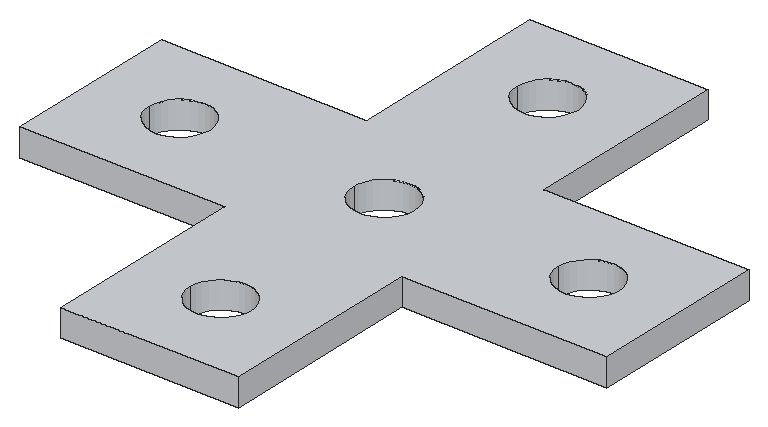
Revit family "Fitting-Flat_Plate-Unistrut-P1028", category Specialty Equipment, Revit 2012
Parameters (values of type "P1028")
  ecoScorecard_data = "http://products.ecoscorecard.com/atkore/P1028"
  ecoScorecard Product Page = "http://products.ecoscorecard.com/atkore/P1028?action=html"
  Weight Per Piece = 1.05 lbf
  Unit = none
  Unistrut Part Number = "P1028"  # constant formula
  URL = "http://unistrut.us/index.php"
  Thickness = 0' - 0 1/4"  # constant formula
  Subcategory = "Flat Plate Fittings"  # constant formula
  Product Page URL = "http://unistrut.us/index.php?WP=cat_detail&S=S05&P=P1028"
  Power Strut Part Number = "PS 712"  # constant formula
  Part Type = "Fitting"  # constant formula
  Overall Width = 0' - 5 3/8"  # constant formula
  Overall Length = 0' - 5 3/8"  # constant formula
  Model = "P1028"
  Material = ""
  Manufacturer Phone - Toll Free = "800-882-5543"  # constant formula
  Manufacturer Phone = "708-339-1610"  # constant formula
  Manufacturer Fax = "708-339-7814"  # constant formula
  Manufacturer Email = "mailto:jshaw@atkore.com"
  Manufacturer Address = "16100 South Lathrop Avenue, Harvey, IL 60426"  # constant formula
  Manufacturer = "Unistrut by Atkore International"  # constant formula
  Load Capacity Note = "Visit the product page for load application and capacity."  # constant formula
  Literature URL = "http://unistrut.us/index.php?WP=LItLibrary"
  Hole Diameter = 0' - 0 9/16"
  Cost Info = "mailto:jshaw@atkore.com"
  CAD URL = "http://unistrut.us/index.php?WP=CAD3d"
  Assembly Code = "D5020100"
  95 CSI = "16070"  # constant formula
  04 CSI = "26 05 48"  # constant formula
Reference planes (in)
  plane 1 "Center (Front/Back)": y = 0
  plane 2: z = 0
  plane 3 "Center (Left/Right)": x = 0
  plane 4: y = 2.6875
  plane 5: y = -2.6875
  plane 6: x = -2.6875
  plane 7: x = 2.6875
  plane 8: z = 0.25
  plane 9: x = 1.875
  plane 10: y = 1.875
  plane 11: x = -1.875
  plane 12: y = -1.875
Dimensions and locks (in)
  equal spacing: plane 6, plane 3 "Center (Left/Right)", plane 7
  "Overall Width": plane 6 to plane 7
  equal spacing: plane 4, plane 1 "Center (Front/Back)", plane 5
  "Overall Length": plane 4 to plane 5
  "Thickness": plane 8 to plane 2
  aligned and locked: level to plane 2
  aligned and locked: plane 3 "Center (Left/Right)" to nested 1
  aligned and locked: plane 1 "Center (Front/Back)" to nested 1
Nested families (in)
  nested 1: "1028" at (0, 0, 0), type "1028"
Definition of nested family "1028"
  Parameters (values of type "P102")
    Width = 0' - 5 3/8"
    Unit = none
    Thickness = 0' - 0 1/4"
    Radiuis = Diameter / 2  # 0' - 0 1/8"
    Length = 0' - 5 3/8"
    Diameter = 0' - 0 1/4"
  Reference planes (in)
    plane 1 "Center (Front/Back)": y = 0
    plane 2: z = 0
    plane 3 "Center (Left/Right)": x = 0
    plane 4: y = 2.6875
    plane 5: y = -2.6875
    plane 6: x = -2.6875
    plane 7: x = 2.6875
    plane 8: z = 0.25
    plane 9: y = 0.8125
    plane 10: y = -0.8125
    plane 11: x = -0.8125
    plane 12: x = 0.8125
  Forms (in)
    Extrusion 1, solid, material <- "Unit"
      sketch origin (0, 0, 0) x (1, 0, 0) y (0, 1, 0)
        loop
          line (-2.6875, 0.8125) -> (-2.6875, -0.8125) -> (-0.8125, -0.8125) -> (-0.8125, -2.6875) -> (0.8125, -2.6875) -> (0.8125, -0.8125) -> (2.6875, -0.8125) -> (2.6875, 0.8125) -> (0.8125, 0.8125) -> (0.8125, 2.6875) -> (-0.8125, 2.6875) -> (-0.8125, 0.8125) -> (-2.6875, 0.8125)
        loop
          circle (0, 0) r 0.125
        loop
          circle (0, 1.875) r 0.125
        loop
          circle (0, -1.875) r 0.125
        loop
          circle (1.875, 0) r 0.125
        loop
          circle (-1.875, 0) r 0.125
      from 0 to 0.25
  Dimensions and locks (in)
    equal spacing: plane 6, plane 3 "Center (Left/Right)", plane 7
    "Length": plane 6 to plane 7
    equal spacing: plane 4, plane 1 "Center (Front/Back)", plane 5
    "Width": plane 4 to plane 5
    "Thickness": plane 8 to plane 2
    equal spacing: plane 11, plane 3 "Center (Left/Right)", plane 12
    locked: plane 11 to plane 12 at 1.625
    locked: plane 10 to plane 9 at 1.625
    equal spacing: plane 10, plane 1 "Center (Front/Back)", plane 9
    locked: plane 4 to Extrusion 1 sketch curve at 0.8125
    locked: plane 5 to Extrusion 1 sketch curve at 0.8125
    locked: Extrusion 1 sketch curve to plane 7 at 0.8125
    locked: plane 6 to Extrusion 1 sketch curve at 0.8125
    "Radiuis": radius of Extrusion 1 sketch curve  (x5)
    aligned and locked: level to plane 2
    aligned and locked: Extrusion 1 sketch curve to plane 6
    aligned and locked: Extrusion 1 sketch curve to plane 9
    aligned and locked: Extrusion 1 sketch curve to plane 4
    aligned and locked: plane 12 to Extrusion 1 sketch curve
    aligned and locked: Extrusion 1 sketch curve to plane 11
    aligned and locked: Extrusion 1 sketch curve to plane 10
    aligned and locked: plane 7 to Extrusion 1 sketch curve
    aligned and locked: plane 5 to Extrusion 1 sketch curve
    aligned and locked: plane 3 "Center (Left/Right)" to Extrusion 1 sketch curve  (x3)
    aligned and locked: plane 1 "Center (Front/Back)" to Extrusion 1 sketch curve  (x3)
    aligned and locked: Extrusion 1 to plane 2
    aligned and locked: plane 8 to Extrusion 1
  Automatic sketch dimensions
    Extrusion 1 sketch curve to plane 11 = 0' - 0"
    Extrusion 1 sketch curve to plane 12 = 0' - 0"
    plane 10 to Extrusion 1 sketch curve = 0' - 0"
    plane 9 to Extrusion 1 sketch curve = 0' - 0"
